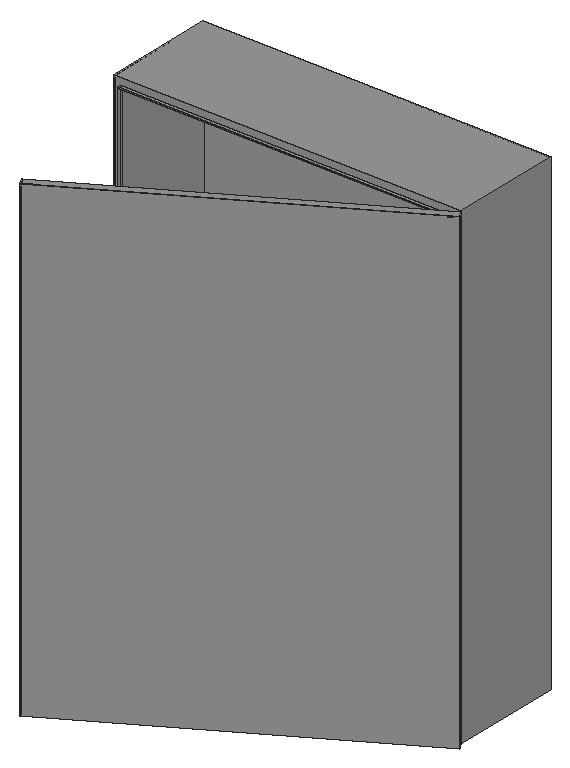
Revit family "Hager-Univers-IP55-D275-H1100-Cl.II-Steel_encl-NoHosted-NL-en", category Equipement électrique, Revit 2020
Family settings
  Configuration du panneau = Deux colonnes, circuits au sein
  Cote de connecteur circulaire = Utiliser le diamètre
  Type d'élément = Tableau de raccordement
  Basée sur le plan de construction = Oui
  Toujours verticalement = Oui
  Couper avec des vides une fois chargée = Non
  Partagée = Non
  Point de calcul de pièce = Non
Parameters (values of type "Surface mounted (plaster) IP55 W800 H1100 D275  - FR73S")
  Width Control [instance] = if([EF000008 - Width] > Min Width, [EF000008 - Width], Min Width)  # 800 mm
  Commentaires du type = [HG000003 - Range]  # "Univers"
  Thickness Door [instance] = if([EF009171 - Material plate thickness door/cover] > 3 mm, 3 mm, [EF009171 - Material plate thickness door/cover])  # 1.5 mm
  Seal Frame Offset [instance] = 17 mm  # constant formula
  Plinth Visibility [instance] = [HG000027 - Plinth height] > 0 mm  # no
  Min Width [instance] = 100 mm  # constant formula
  Min Depth [instance] = (2 * [EF009170 - Material plate thickness cabinet]) + 1 mm  # 4 mm
  Min Height [instance] = 100 mm  # constant formula
  Internal Frame Depth [instance] = (Door System Depth * 0.5)  # 9 mm
  Panel Name [instance] = ""  # (empty or 0)
  Model = ""
  HG000027 - Plinth height = 0 mm
  HG000026 - Floor standing = no
  HG000024 - Bottom section height = 600 mm
  HG000023 - Double section enclosure = no
  HG000016 - Door 3d visibility [instance] = yes
  HG000015 - Clearance visibility [instance] = no
  HG000014 - Door on the right [instance] = yes
  HG000013 - Door on the left [instance] = not([HG000014 - Door on the right])  # no
  HG000012 - Door swing angle [instance] = 30.00°
  HG000010 - Asymmetric doors = no
  HG000009 - Double swing door = no
  HG000006 - Flush mounted = no
  HG000004 - Manufacturer reference = "FR73S"
  HG000003 - Range = "Univers"
  HG000002 - With door or cover = yes
  Frame Offset Bottom [instance] = 10 mm  # constant formula
  Frame Offset [instance] = 15 mm  # constant formula
  EF015940 - Cover with overpressure release = no
  EF011959 - Degree of protection (NEMA) = ""
  EF009554 - Number of openings for flange plates = 6
  EF009212 - Cover model = "EV000116 - Closed"
  EF009171 - Material plate thickness door/cover = 1.5 mm
  EF009170 - Material plate thickness cabinet = 1.5 mm
  EF008873 - Nominal current (In) = 800 A
  EF007800 - Suitable for lightning protection = no
  EF006306 - With lock = no
  EF006244 - Transparent cover/door = no
  EF005474 - Degree of protection (IP) = "EV006420 - IP55"
  EF004464 - Type of door = "EV002646 - Single"
  EF004427 - Number of modules = 252
  EF004293 - Impact strength = "EV008784 - IK10"
  EF003532 - Suitable for outdoor use = no
  EF002950 - Width in number of modular spacings = 24
  EF001613 - Circuit integrity = "EV000494 - None"
  EF001596 - Material housing = "EV000179 - Steel"
  EF001131 - Internal depth = 275 mm
  EF001088 - Extension possible = yes
  EF000437 - Number of conduit inlets = 6
  EF000339 - Type of cover = "EV004216 - Door"
  EF000266 - Number of rows = 7
  EF000218 - Built-in depth = 0 mm
  EF000118 - With mounting plate = no
  EF000116 - RAL-number = "7035"
  EF000049 - Depth = 275 mm
  EF000040 - Height = 1100 mm
  EF000008 - Width = 800 mm
  EF000007 - Colour = "EV000270 - Grey"
  EF000003 - Mounting method = "EV000384 - Surface mounted (plaster)"
  Door System Leaf Tolerance [instance] = 1.5 mm  # constant formula
  Door System Depth [instance] = 18 mm  # constant formula
  Door Height [instance] = Height Control - [HG000027 - Plinth height]  # 1100 mm
  Description = ""
  Default Elevation = 1219.2 mm
  Connector Offset [instance] = Height Control / 2  # 550 mm
  Fabricant = "Hager"  # constant formula
  Height Control [instance] = if([EF000040 - Height] > Min Height, [EF000040 - Height], Min Height)  # 1100 mm
  Depth Control [instance] = if([EF000049 - Depth] > Min Depth, [EF000049 - Depth], Min Depth)  # 275 mm
  Bottom Top Plate Trim [instance] = 1.5 mm  # constant formula
  Plinth height Ctrl [instance] = if([HG000027 - Plinth height] > 0 mm, [HG000027 - Plinth height], 12 mm)  # 12 mm
Types (5, lengths in mm): name | Width Control | HG000010 - Asymmetric doors | HG000009 - Double swing door | HG000004 - Manufacturer reference | EF009554 - Number of openings for flange plates | EF004464 - Type of door | EF004427 - Number of modules | EF000437 - Number of conduit inlets | EF000008 - Width
  Surface mounted (plaster) IP55 W1050 H1100 D275  - FR74S | 1050 | no | yes | "FR74S" | 8 | "EV003602 - Double" | 336 | 8 | 1050
  Surface mounted (plaster) IP55 W1300 H1100 D275  - FR75S | 1300 | yes | yes | "FR75S" | 10 | "EV003602 - Double" | 420 | 10 | 1300
  Surface mounted (plaster) IP55 W300 H1100 D275  - FR71S | 300 | no | no | "FR71S" | 2 | "EV002646 - Single" | 84 | 2 | 300
  Surface mounted (plaster) IP55 W550 H1100 D275  - FR72S | 550 | no | no | "FR72S" | 4 | "EV002646 - Single" | 168 | 4 | 550
  Surface mounted (plaster) IP55 W800 H1100 D275  - FR73S | 800 | no | no | "FR73S" | 6 | "EV002646 - Single" | 252 | 6 | 800
Reference planes
  plane 1 "Center (Front/Back)": y = 0
  plane 2: z = 0
  plane 3 "Center (Left/Right)": x = 0
  plane 4: y = 0
  plane 5: y = 0
  plane 6: z = 0
  plane 7: x = -400
  plane 8: x = 400
  plane 9: x = 398.5
  plane 10: x = -398.5
  plane 11: z = 0
  plane 12: z = 1.5
  plane 13: y = -275
  plane 14: y = -1.5
  plane 15: x = 0
  plane 16: y = -257
  plane 17: y = -273.5
  plane 18: y = -255.5
  plane 19: x = -383.5
  plane 20: x = 383.5
  plane 21: z = 11.5
  plane 22: x = -383
  plane 23: x = 383
  plane 24: z = 0
  plane 25: z = 1100
  plane 26: z = 1100
  plane 27: z = 1083.5
  plane 28: z = 1098.5
Forms (mm)
  Extrusion 1, solid, material "Hager_Steel_RAL7035_Light_Grey", detail levels medium+fine
    sketch origin (-208.679, -4572, 0) x (-1, 0, 0) y (0, -1, 0)
      loop
        line (191.321, -4315) -> (-608.679, -4315) -> (-608.679, -4572) -> (191.321, -4572) -> (191.321, -4315)
    from 0 to 1100
  Extrusion 2, void
    sketch origin (-350.771, -275, 1219.2) x (1, 0, 0) y (0, 0, 1)
      loop
        line (-47.729, -120.7) -> (-47.729, -1217.7) -> (749.271, -1217.7) -> (749.271, -120.7) -> (-47.729, -120.7)
    from -19.5 to -273.5
  Extrusion 3, void
    sketch origin (-290.084, -257, 1219.2) x (1, 0, 0) y (0, 0, 1)
      loop
        line (-93.416, -1207.7) -> (673.584, -1207.7) -> (673.584, -135.7) -> (-93.416, -135.7) -> (-93.416, -1207.7)
    from 0 to -1.5
  Extrusion 4, solid, material "Hager_Steel_RAL7035_Light_Grey", visible <- "Plinth Visibility", detail levels medium+fine
    sketch origin (0, 0, 0) x (1, 0, 0) y (0, 1, 0)
      loop
        line (-400, 0) -> (-400, -257) -> (400, -257) -> (400, 0) -> (-400, 0)
    from 0 to 12 <- "Plinth height Ctrl"
  Extrusion 5, solid, material "Hager_Steel_RAL7035_Light_Grey", detail levels coarse
    sketch origin (0, 0, 0) x (1, 0, 0) y (0, 1, 0)
      loop
        line (-400, 0) -> (-400, -275) -> (400, -275) -> (400, 0) -> (-400, 0)
    from 0 to 1100 <- "Height Control"
  Sweep 6, void
    path in 3D
      loop
        line (-400, -257, 12) -> (400, -257, 12) -> (400, 0, 12) -> (-400, 0, 12) -> (-400, -257, 12)
    profile origin (-400, -128.5, 12) x (1, 0, 0) y (0, 0, 1)
      loop
        line (0, 0) -> (0, -1.5) -> (1.5, -1.5)
        arc (1.5, -1.5) -> (1.061, -0.439) -> (0, 0) r 1.5
  Extrusion 7, solid, material "Hager_Steel_RAL7035_Light_Grey", detail levels fine
    sketch origin (-400, -257, 0) x (1, 0, 0) y (0, 0, 1)
      loop
        line (16.5, 11.5) -> (783.5, 11.5) -> (783.5, 1083.5) -> (16.5, 1083.5) -> (16.5, 11.5)
      loop
        line (15, 10) -> (785, 10) -> (785, 1085) -> (15, 1085) -> (15, 10)
    from 0 to 9 <- "Internal Frame Depth"
Cuts and joins
  Extrusion 2, Extrusion 3 cuts Extrusion 1
  Sweep 6 cuts Extrusion 4
Lines and regions (mm)
  Masking region 1
    outline origin (0, 0, 0) x (1, 0, 0) y (0, 1, 0)
      loop
        line (-400, 0) -> (-400, -275) -> (400, -275) -> (400, 0) -> (-400, 0)
  Masking region 2, detail levels coarse
    outline origin (-290.084, -257, 1219.2) x (-1, 0, 0) y (0, 0, 1)
      loop
        line (-690.084, -1219.2) -> (109.916, -1219.2) -> (109.916, -119.2) -> (-690.084, -119.2) -> (-690.084, -1219.2)
  Masking region 3, detail levels coarse
    outline origin (0, 0, 0) x (0, 1, 0) y (0, 0, 1)
      loop
        line (0, 0) -> (0, 1100) -> (-275, 1100) -> (-275, 0) -> (0, 0)
  Masking region 4, visible <- "Plinth Visibility", detail levels medium+fine
    outline origin (0, 0, 0) x (0, 1, 0) y (0, 0, 1)
      loop
        line (-1.5, 12) -> (-255.5, 12)
        arc (-255.5, 12) -> (-255.939, 10.939) -> (-257, 10.5) r 1.5
        line (-257, 10.5) -> (-257, 0) -> (0, 0) -> (0, 10.5)
        arc (0, 10.5) -> (-1.061, 10.939) -> (-1.5, 12) r 1.5
  Masking region 5, detail levels medium+fine
    outline origin (0, 0, 594.038) x (0, 1, 0) y (0, 0, 1)
      loop
        line (0, -594.038) -> (0, 505.962) -> (-257, 505.962) -> (-257, -594.038) -> (0, -594.038)
  Masking region 6, detail levels medium+fine
    outline origin (-359.7, -257, 1211.883) x (-1, 0, 0) y (0, 0, 1)
      loop
        line (-759.7, -1211.883) -> (40.3, -1211.883) -> (40.3, -111.883) -> (-759.7, -111.883) -> (-759.7, -1211.883)
  Masking region 7, visible <- "Plinth Visibility", detail levels medium+fine
    outline origin (-320.334, -257, 1041.368) x (-1, 0, 0) y (0, 0, 1)
      loop
        line (-720.334, -1041.368) -> (79.666, -1041.368) -> (79.666, -1030.868)
        arc (79.666, -1030.868) -> (78.606, -1030.429) -> (78.166, -1029.368) r 1.5
        line (78.166, -1029.368) -> (-718.834, -1029.368)
        arc (-718.834, -1029.368) -> (-719.273, -1030.429) -> (-720.334, -1030.868) r 1.5
        line (-720.334, -1030.868) -> (-720.334, -1041.368)
  sketch lines
    curve 1: line (-400, 0, 12) -> (-400, -257, 12)
    curve 2: line (-400, -257, 12) -> (400, -257, 12)
    curve 3: line (400, 0, 12) -> (-400, 0, 12)
    curve 4: line (400, -257, 12) -> (400, 0, 12)
Dimensions and locks
  locked: plane 1 "Center (Front/Back)" to plane 5
  "EF009170 - Material plate thickness cabinet": plane 7 to plane 10
  "EF009170 - Material plate thickness cabinet": plane 8 to plane 9
  equal spacing: plane 7, plane 3 "Center (Left/Right)", plane 8
  "Width Control": plane 7 to plane 8
  "Depth Control": plane 4 to plane 13
  "EF009170 - Material plate thickness cabinet": plane 4 to plane 14
  "Height Control": plane 25 to level
  "HG000027 - Plinth height": plane 11 to level
  "EF009170 - Material plate thickness cabinet": plane 12 to plane 11
  "EF009170 - Material plate thickness cabinet": plane 17 to plane 13
  "EF009170 - Material plate thickness cabinet": plane 18 to plane 16
  "Frame Offset Bottom": plane 21 to plane 12
  "Frame Offset": plane 10 to plane 19
  "Frame Offset": plane 9 to plane 20
  "Door System Depth": plane 16 to plane 13
  "Seal Frame Offset": plane 7 to plane 22
  "Seal Frame Offset": plane 8 to plane 23
  "EF009170 - Material plate thickness cabinet": plane 26 to plane 28
  "Frame Offset": plane 28 to plane 27
  "Connector Offset": plane 2 to connector elem
  "Bottom Top Plate Trim": profile plane to Sweep 6 sketch curve
  "Bottom Top Plate Trim": Sweep 6 sketch curve to Sweep 6 sketch curve
  "Plinth height Ctrl": Masking region 4 sketch curve to level
  "Plinth height Ctrl": Masking region 7 sketch curve to level
  "Thickness Door": Extrusion 7 sketch curve to Extrusion 7 sketch curve  (x4)
  "Bottom Top Plate Trim": radius of Sweep 6 sketch curve
  "Bottom Top Plate Trim": radius of Masking region 4 sketch curve  (x2)
  "Bottom Top Plate Trim": radius of Masking region 7 sketch curve  (x2)
  aligned and locked: Extrusion 2 sketch curve to plane 12
  aligned and locked: Extrusion 2 sketch curve to plane 9
  aligned and locked: Extrusion 2 sketch curve to plane 10
  aligned and locked: Extrusion 2 to plane 14
  aligned and locked: Extrusion 1 sketch curve to plane 4
  aligned and locked: plane 8 to Extrusion 1 sketch curve
  aligned and locked: plane 7 to Extrusion 1 sketch curve
  aligned and locked: Extrusion 2 to plane 18
  aligned and locked: Extrusion 3 sketch curve to plane 19
  aligned and locked: plane 20 to Extrusion 3 sketch curve
  aligned and locked: Extrusion 3 to Extrusion 2
  aligned and locked: Extrusion 3 sketch curve to plane 21
  aligned and locked: plane 3 "Center (Left/Right)" to nested 1
  aligned and locked: Extrusion 1 sketch curve to plane 16
  aligned and locked: Extrusion 4 sketch curve to cut or joined group of Extrusion 1, Extrusion 2, Extrusion 3
  aligned and locked: Masking region 1 sketch curve to plane 7
  aligned and locked: Masking region 1 sketch curve to plane 5
  aligned and locked: Masking region 1 sketch curve to plane 8
  aligned and locked: Masking region 2 sketch curve to level
  aligned and locked: level to Masking region 3 sketch curve
  aligned and locked: plane 1 "Center (Front/Back)" to Masking region 3 sketch curve
  aligned and locked: plane 13 to Masking region 3 sketch curve
  aligned and locked: plane 5 to Masking region 4 sketch curve
  aligned and locked: Masking region 2 sketch curve to plane 8
  aligned and locked: Masking region 2 sketch curve to plane 7
  aligned and locked: plane 7 to nested 2
  aligned and locked: nested 2 to plane 5
  aligned and locked: plane 5 to Masking region 5 sketch curve
  aligned and locked: plane 26 to Masking region 5 sketch curve
  aligned and locked: Extrusion 5 sketch curve to plane 8
  aligned and locked: Extrusion 5 sketch curve to plane 7
  aligned and locked: Extrusion 5 sketch curve to plane 5
  aligned and locked: Extrusion 3 sketch curve to plane 27
  aligned and locked: Extrusion 2 sketch curve to plane 28
  aligned and locked: Masking region 2 to plane 25
  aligned and locked: Extrusion 4 to plane 16
  aligned and locked: profile plane to Sweep 6 sketch curve
  aligned and locked: Masking region 5 sketch curve to plane 24
  aligned and locked: level to Masking region 4 sketch curve
  aligned and locked: Masking region 1 to plane 13
  aligned and locked: nested 1 to plane 16
  aligned and locked: Masking region 3 to plane 25
  aligned and locked: plane 16 to Masking region 4 sketch curve
  aligned and locked: Masking region 5 sketch curve to plane 16
  aligned and locked: plane 24 to plane 11
  aligned and locked: plane 26 to plane 25
  aligned and locked: plane 26 to cut or joined group of Extrusion 1, Extrusion 2, Extrusion 3
  aligned and locked: nested 1 to plane 24
  aligned and locked: Extrusion 1 to Extrusion 3
  aligned and locked: Masking region 6 sketch curve to plane 8
  aligned and locked: Masking region 6 sketch curve to plane 24
  aligned and locked: Masking region 6 sketch curve to plane 7
  aligned and locked: Masking region 6 sketch curve to plane 26
  aligned and locked: Masking region 7 sketch curve to plane 7
  aligned and locked: level to Masking region 7 sketch curve
  aligned and locked: Masking region 7 sketch curve to plane 8
  aligned and locked: Extrusion 7 sketch curve to cut or joined group of Extrusion 1, Extrusion 2, Extrusion 3  (x4)
Automatic sketch dimensions
  plane 19 to Extrusion 3 sketch curve = 0 mm
  Extrusion 3 sketch curve to plane 20 = 0 mm
  Extrusion 3 sketch curve to plane 21 = 0 mm
  Extrusion 4 sketch curve to plane 7 = 0 mm
  Extrusion 4 sketch curve to plane 8 = 0 mm
  Extrusion 4 sketch curve to plane 16 = 0 mm
  Masking region 1 sketch curve to plane 13 = 0 mm
  Masking region 2 sketch curve to plane 25 = 0 mm
  Masking region 3 sketch curve to plane 25 = 0 mm
  Extrusion 5 sketch curve to plane 13 = 0 mm
  profile plane to Sweep 6 sketch curve = 0 mm
Nested families
  nested 1: "EC000058_Univers_Door" at (0, -257, 0), Double <- "HG000009 - Double swing door", Transparent <- "EF006244 - Transparent cover/door", Angle <- "HG000012 - Door swing angle", Door_Right <- "HG000014 - Door on the right", Assymetrical <- "HG000010 - Asymmetric doors", Door <- "HG000002 - With door or cover", Width_Ctrl <- "Width Control", 3d_Door <- "HG000016 - Door 3d visibility", Clearance <- "HG000015 - Clearance visibility", Door_Left <- "HG000013 - Door on the left", Width <- "Width Control", Door_Depth <- "Door System Depth", Leaf_Tolerance <- "Door System Leaf Tolerance", Height <- "Door Height", Lock_Visibility <- "EF006306 - With lock", Thickness <- "Thickness Door", type "EC000058_Univers_Door", detail levels medium+fine
    with min_wh 4 mm, Width_Ctrl 800 mm, Width 800 mm, Transparent no, Thickness 1.5 mm, Seal_Material Hager_Rubber, Lock_Visibility no, Lock_Material Hager_Plastic_RAL9005_Jet_Black, Leaf_Width 800 mm, Leaf_Tolerance_External_Sides 0 mm, Leaf_Tolerance 1.5 mm, Leaf_Offset 0 mm, Leaf_Height 1097 mm, Leaf_2_Width 800 mm, Leaf_2_Offset 400 mm, Leaf_1_Width 800 mm, Leaf_1_Offset 400 mm, Height_Ctrl 1100 mm, Height 1100 mm, Glass_Material Hager_Glass, Double_Clearance_Ctrl no, Double no, Door_Right_Ctrl yes, Door_Right yes, Door_Material Hager_Steel_RAL7035_Light_Grey, Door_Left_Ctrl no, Door_Left no, Door_Depth 18 mm, Door yes, Clearance_Material Hager_Clearance, Clearance_Depth 800 mm, Clearance_Ctrl no, Clearance no, Assymetrical no, Angle 30.00°, 3d_Door yes
  nested 2: "Hager_Enclosure_Symbol" at (-400, 0, 0), Height <- "Depth Control", Width <- "Width Control", type "Hager_Enclosure_Symbol"
    with Width_Ctrl 800 mm, Width 800 mm, Height_Ctrl 275 mm, Height 275 mm, A_Width_Int 18.047 mm, A_Width 216.562 mm, A_Height_Ctrl 240.625 mm, A_Height 240.625 mm
Connectors
  electrical at (0, 0, 550)
    settings: on plane 1 "Center (Front/Back)", index 1, voltage 0 V, apparent load 0 VA, apparent load phase1 0 VA, apparent load phase2 0 VA, apparent load phase3 0 VA, power factor 1, load classification "Other", number of poles 1, system type 30, power factor state 1, is connector primary yes, connector utility no, sub classification motor no, connector description ""
Definition of nested family "EC000058_Univers_Door"
  Parameters (values of type "EC000058_Univers_Door")
    min_wh [instance] = (2 * Thickness) + 1 mm  # 11 mm
    Width_Ctrl [instance] = 400 mm
    Width [instance] = 500 mm
    Transparent [instance] = yes
    Thickness [instance] = 5 mm
    Seal_Material [instance] = none
    Lock_Visibility [instance] = yes
    Lock_Material [instance] = none
    Leaf_Width [instance] = if((Width_Ctrl - 2 * Leaf_Tolerance_External_Sides) > 0 mm, (Width_Ctrl - 2 * Leaf_Tolerance_External_Sides), min_wh)  # 400 mm
    Leaf_Tolerance_External_Sides [instance] = 0 mm  # constant formula
    Leaf_Tolerance [instance] = 1.5 mm
    Leaf_Offset [instance] = 0 mm  # constant formula
    Leaf_Height [instance] = if((Height_Ctrl - 2 * Leaf_Tolerance) > 0 mm, (Height_Ctrl - 2 * Leaf_Tolerance), min_wh)  # 497 mm
    Leaf_2_Width [instance] = if(and(and(Double, Assymetrical), Door_Left), (Leaf_Width / 3) - (Leaf_Tolerance / 2), if(and(and(Double, Assymetrical), Door_Right), (Leaf_Width / 3) * 2 - (Leaf_Tolerance / 2), if(and(Double, not(Assymetrical)), (Leaf_Width / 2) - Leaf_Tolerance, Leaf_Width)))  # 400 mm
    Leaf_2_Offset [instance] = if(and(Double, Assymetrical), Leaf_2_Width / 2, if(and(Double, not(Assymetrical)), Leaf_Width / 4, Leaf_Width / 2))  # 200 mm
    Leaf_1_Width [instance] = if(and(and(Double, Assymetrical), Door_Right), (Leaf_Width / 3) - (Leaf_Tolerance / 2), if(and(and(Double, Assymetrical), Door_Left), (Width / 3) * 2 - (Leaf_Tolerance / 2), if(and(Double, not(Assymetrical)), (Leaf_Width / 2) - Leaf_Tolerance, Leaf_Width)))  # 400 mm
    Leaf_1_Offset [instance] = if(and(Double, Assymetrical), Leaf_1_Width / 2, if(and(Double, not(Assymetrical)), Leaf_Width / 4, Leaf_Width / 2))  # 200 mm
    Height_Ctrl [instance] = if(Height > min_wh, Height, min_wh)  # 500 mm
    Height [instance] = 500 mm
    Glass_Material [instance] = none
    Double_Clearance_Ctrl [instance] = and(Double, Clearance)  # no
    Double [instance] = no
    Door_Right_Ctrl [instance] = and(or(Door_Right, Double), Door)  # yes
    Door_Right [instance] = yes
    Door_Material [instance] = none
    Door_Left_Ctrl [instance] = and(or(Door_Left, Double), Door)  # no
    Door_Left [instance] = no
    Door_Depth [instance] = 30 mm
    Door [instance] = yes
    Default Elevation = 1219.2 mm
    Clearance_Material [instance] = none
    Clearance_Depth [instance] = if(Leaf_1_Width > Leaf_2_Width, Leaf_1_Width, Leaf_2_Width)  # 400 mm
    Clearance_Ctrl [instance] = and(not(Double), Clearance)  # yes
    Clearance [instance] = yes
    Assymetrical [instance] = yes
    Angle [instance] = 30.00°
    3d_Door [instance] = yes
  Reference planes
    plane 1 "Center (Front/Back)": y = 0
    plane 2 "Bottom": z = 0
    plane 3 "Center (Left/Right)": x = 0
    plane 4: z = 500
    plane 5: x = -200
    plane 6: x = 200
    plane 7: z = 500
    plane 8: x = -200
    plane 9: z = 0
    plane 10: x = 200
    plane 11: y = 0
    plane 12: z = 1.5
    plane 13: x = -600
    plane 14: y = -400
    plane 15: x = 600
    plane 16: x = 0
    plane 17: x = 0
    plane 18: x = -200
    plane 19: x = 200
    plane 20: z = 498.5
  Forms (mm)
    Extrusion 1, solid, material <- "Clearance_Material", visible <- "Double_Clearance_Ctrl"
      sketch origin (1200, 0, 0) x (1, 0, 0) y (0, 0, -1)
        loop
          line (-1800, -498.5) -> (-600, -498.5) -> (-600, 0) -> (-1800, 0) -> (-1800, -498.5)
      from 0 to -400
  Dimensions and locks
    equal spacing: plane 5, plane 3 "Center (Left/Right)", plane 6
    "Width_Ctrl": plane 5 to plane 6
    "Leaf_Offset": plane 5 to plane 8
    "Leaf_Offset": plane 6 to plane 10
    "Leaf_Offset": plane 9 to level
    "Leaf_Offset": plane 4 to plane 7
    "Height_Ctrl": plane 4 to level
    "Leaf_Tolerance": plane 12 to plane 9
    locked: plane 11 to plane 1 "Center (Front/Back)"
    "Leaf_1_Offset": plane 18 to plane 16
    "Leaf_2_Offset": plane 17 to plane 19
    "Leaf_1_Width": plane 13 to plane 8
    "Leaf_2_Width": plane 10 to plane 15
    "Clearance_Depth": plane 14 to plane 1 "Center (Front/Back)"
    "Leaf_Tolerance_External_Sides": plane 8 to plane 18
    "Leaf_Tolerance_External_Sides": plane 19 to plane 10
    "Leaf_Tolerance": plane 7 to plane 20
    aligned and locked: level to plane 2 "Bottom"
    aligned and locked: nested 1 to plane 16
    aligned and locked: nested 2 to plane 17
    aligned and locked: Extrusion 1 to plane 13
    aligned and locked: plane 15 to Extrusion 1
    aligned and locked: Extrusion 1 to plane 14
    aligned and locked: plane 12 to nested 1
    aligned and locked: nested 2 to plane 12
    aligned and locked: Extrusion 1 to plane 11
    aligned and locked: plane 20 to Extrusion 1
    aligned and locked: nested 2 to plane 11
    aligned and locked: nested 1 to plane 11
  Automatic sketch dimensions
    Extrusion 1 sketch curve to level = 0 mm
    plane 5 to Extrusion 1 sketch curve = 400 mm
    plane 6 to Extrusion 1 sketch curve = 400 mm
    Extrusion 1 sketch curve to plane 4 = 1.5 mm
  Nested families
    nested 1: "EC000058_Univers_Door_Leaf" at (0, 0, 1.5), Width <- "Leaf_1_Width", visible <- "Door_Left_Ctrl", Leaf_Height <- "Leaf_Height", Angle <- "Angle", 3d_Door <- "3d_Door", Transparent <- "Transparent", Clearance Material <- "Clearance_Material", Clearance <- "Clearance_Ctrl", Door_Material <- "Door_Material", Glass_Material <- "Glass_Material", Door_Depth <- "Door_Depth", Lock_Material <- "Lock_Material", Seal_Material <- "Seal_Material", Lock_Visibility <- "Lock_Visibility", Thickness <- "Thickness", type "EC000058_Univers_Door_Leaf"
      with Width 400 mm, Transparent_Glass_Offset 30 mm, Transparent_Ctrl yes, Transparent yes, Thickness 5 mm, Standard no, Seal_Material none, Seal_D2 8 mm, Seal_D1 1 mm, Offset_Internal_Frame 10 mm, Lock_Width 20 mm, Lock_Visibility_3d yes, Lock_Visibility yes, Lock_Thickness_3 3 mm, Lock_Thickness_2 1 mm, Lock_Thickness_1 3 mm, Lock_Radius_Offset_2 16 mm, Lock_Radius_Offset_1 15 mm, Lock_Radius_2 5 mm, Lock_Radius 6 mm, Lock_Offset 5 mm, Lock_Material none, Lock_Height 80 mm, Lock_Cover_Top_Offset_2d 17 mm, Lock_Cover_Height -65 mm, Leaf_Height 497 mm, Internal_Seal_Thickness 8 mm, Internal_Seal_Depth_2 4.5 mm, Internal_Frame_Depth 25 mm, Glass_Thickness -1 mm, Glass_Offset -2 mm, Glass_Material none, Door_Material none, Door_Depth 30 mm, Clearance Material none, Clearance yes, Angle_Ctrl 30.00°, Angle 30.00°, 3d_Door yes
    nested 2: "EC000058_Univers_Door_Leaf" at (0, 0, 1.5) x (-1, 0, 0) z (0, 0, 1), Width <- "Leaf_2_Width", visible <- "Door_Right_Ctrl", Leaf_Height <- "Leaf_Height", Angle <- "Angle", 3d_Door <- "3d_Door", Transparent <- "Transparent", Clearance Material <- "Clearance_Material", Clearance <- "Clearance_Ctrl", Door_Material <- "Door_Material", Glass_Material <- "Glass_Material", Door_Depth <- "Door_Depth", Lock_Material <- "Lock_Material", Seal_Material <- "Seal_Material", Lock_Visibility <- "Lock_Visibility", Thickness <- "Thickness", type "EC000058_Univers_Door_Leaf"
      with Width 400 mm, Transparent_Glass_Offset 30 mm, Transparent_Ctrl yes, Transparent yes, Thickness 5 mm, Standard no, Seal_Material none, Seal_D2 8 mm, Seal_D1 1 mm, Offset_Internal_Frame 10 mm, Lock_Width 20 mm, Lock_Visibility_3d yes, Lock_Visibility yes, Lock_Thickness_3 3 mm, Lock_Thickness_2 1 mm, Lock_Thickness_1 3 mm, Lock_Radius_Offset_2 16 mm, Lock_Radius_Offset_1 15 mm, Lock_Radius_2 5 mm, Lock_Radius 6 mm, Lock_Offset 5 mm, Lock_Material none, Lock_Height 80 mm, Lock_Cover_Top_Offset_2d 17 mm, Lock_Cover_Height -65 mm, Leaf_Height 497 mm, Internal_Seal_Thickness 8 mm, Internal_Seal_Depth_2 4.5 mm, Internal_Frame_Depth 25 mm, Glass_Thickness -1 mm, Glass_Offset -2 mm, Glass_Material none, Door_Material none, Door_Depth 30 mm, Clearance Material none, Clearance yes, Angle_Ctrl 30.00°, Angle 30.00°, 3d_Door yes
  Definition of nested family "EC000058_Univers_Door_Leaf"
    Parameters (values of type "EC000058_Univers_Door_Leaf")
      Width [instance] = 2000 mm
      Transparent_Glass_Offset [instance] = 30 mm
      Transparent_Ctrl [instance] = and(Transparent, [3d_Door])  # yes
      Transparent [instance] = yes
      Thickness [instance] = 5 mm
      Standard [instance] = and(not(Transparent), [3d_Door])  # no
      Seal_Material [instance] = none
      Seal_D2 [instance] = 8 mm  # constant formula
      Seal_D1 [instance] = 1 mm  # constant formula
      Offset_Internal_Frame [instance] = 10 mm  # constant formula
      Lock_Width [instance] = 20 mm  # constant formula
      Lock_Visibility_3d [instance] = and(Lock_Visibility, [3d_Door])  # yes
      Lock_Visibility [instance] = yes
      Lock_Thickness_3 [instance] = 3 mm  # constant formula
      Lock_Thickness_2 [instance] = 1 mm  # constant formula
      Lock_Thickness_1 [instance] = 3 mm  # constant formula
      Lock_Radius_Offset_2 [instance] = Lock_Radius_Offset_1 + 1 mm  # 16 mm
      Lock_Radius_Offset_1 [instance] = 15 mm  # constant formula
      Lock_Radius_2 [instance] = Lock_Radius - 1 mm  # 5 mm
      Lock_Radius [instance] = 6 mm  # constant formula
      Lock_Offset [instance] = 5 mm  # constant formula
      Lock_Material [instance] = none
      Lock_Height [instance] = 80 mm  # constant formula
      Lock_Cover_Top_Offset_2d [instance] = Lock_Radius_Offset_2 + 1 mm  # 17 mm
      Lock_Cover_Height [instance] = -(Lock_Height - Lock_Radius_Offset_1)  # -65 mm
      Leaf_Height [instance] = 2720.336 mm
      Internal_Seal_Thickness [instance] = 8 mm  # constant formula
      Internal_Seal_Depth_2 [instance] = 4.5 mm  # constant formula
      Internal_Frame_Depth [instance] = if(Door_Depth - Thickness > 5 mm, Door_Depth - Thickness, 5 mm)  # 25 mm
      Glass_Thickness [instance] = if(Thickness > 15 mm, Glass_Offset + 10 mm, -1 mm)  # -1 mm
      Glass_Offset [instance] = if(Thickness > 15 mm, -(Thickness + 10 mm) / 2, -2 mm)  # -2 mm
      Glass_Material [instance] = none
      Door_Material [instance] = none
      Door_Depth [instance] = 30 mm
      Default Elevation = 0 mm
      Clearance Material [instance] = none
      Clearance [instance] = yes
      Angle_Ctrl [instance] = if(Angle > 180.00°, 180.00°, Angle)  # 90.00°
      Angle [instance] = 90.00°
      3d_Door [instance] = yes
    Reference planes
      plane 1 "Center (Front/Back)": y = 0
      plane 2: z = 0
      plane 3 "Center (Left/Right)": x = 0
      plane 4: y = 2000
      plane 5: x = -1000
      plane 6: x = 1000
      plane 7: x = -3000
      plane 8: z = 2720.336
      plane 9: z = 30
      plane 10: z = 2690.336
      plane 11: x = 970
      plane 12: x = -970
      plane 13: y = -3
      plane 14: z = 107.833
      plane 15: y = -5
      plane 16: y = -223.314
      plane 17: x = -1000
      plane 18: z = 1360.168
      plane 19: y = 30
    Forms (mm)
      Extrusion 1, solid, material <- "Clearance Material", visible <- "Clearance"
        sketch origin (0, 0, 0) x (1, 0, 0) y (0, 0, 1)
          loop
            line (-3000, 2720.336) -> (-3000, 0) -> (1000, 0) -> (1000, 2720.336) -> (-3000, 2720.336)
        from 0 to -2000
      Extrusion 2, solid, material <- "Door_Material", visible <- "Standard", detail levels medium+fine
        sketch origin (-1000, 0, 0) x (0, 1, 0) y (-1, 0, 0)
          loop
            line (0, 30) -> (0, 25) -> (2000, 25) -> (2000, 30) -> (0, 30)
        from 0 to 2720.336 <- "Leaf_Height"
      Extrusion 3, solid, material <- "Door_Material", visible <- "Transparent_Ctrl", detail levels medium+fine
        sketch origin (-1000, 0, 0) x (0, 1, 0) y (-1, 0, 0)
          loop
            line (0, 25) -> (2000, 25) -> (2000, 30) -> (0, 30) -> (0, 25)
        from 0 to 2720.336 <- "Leaf_Height"
      Extrusion 4, void
        sketch origin (-1025, 2000, 0) x (0, 1, 0) y (0, 0, -1)
          loop
            line (-30, -2690.336) -> (-30, -30) -> (-1970, -30) -> (-1970, -2690.336) -> (-30, -2690.336)
        from 0 to 5 <- "Thickness"
      Sweep 5, solid, material <- "Seal_Material", visible <- "Transparent_Ctrl", detail levels fine
        path in 3D
          loop
            line (-1025, 30, 30) -> (-1025, 30, 2690.336) -> (-1025, 1970, 2690.336) -> (-1025, 1970, 30) -> (-1025, 30, 30)
        profile origin (-1025, 1000, 30) x (1, 0, 0) y (0, 0, 1)
          loop
            line (0, 0) -> (0, -8) -> (1, -8) -> (1, 0) -> (0, 0)
      Extrusion 6, solid, material <- "Glass_Material", visible <- "Transparent_Ctrl", detail levels medium+fine
        sketch origin (-1030, 0, 0) x (0, 1, 0) y (0, 0, -1)
          loop
            line (1970, -2690.336) -> (1970, -30) -> (30, -30) -> (30, -2690.336) -> (1970, -2690.336)
        from -2 <- "Glass_Offset" to -1 <- "Glass_Thickness"
      Extrusion 7, solid, material <- "Door_Material", visible <- "3d_Door", detail levels medium+fine
        sketch origin (-1025, 2000, 0) x (0, -1, 0) y (0, 0, -1)
          loop
            line (0, -2720.336) -> (2000, -2720.336) -> (2000, 0) -> (0, 0) -> (0, -2720.336)
          loop
            line (1995, -5) -> (5, -5) -> (5, -2715.336) -> (1995, -2715.336) -> (1995, -5)
        from 0 to 25 <- "Internal_Frame_Depth"
      Sweep 8, solid, material <- "Seal_Material", visible <- "Transparent_Ctrl", detail levels fine
        path in 3D
          loop
            line (-1025, 0, 0) -> (-1025, 2000, 0) -> (-1025, 2000, 2720.336) -> (-1025, 0, 2720.336) -> (-1025, 0, 0)
        profile origin (-1025, 0, 1360.168) x (1, 0, 0) y (0, 1, 0)
          loop
            line (0, 10) -> (2.975, 10)
            arc (2.975, 10) -> (4.053, 10.447) -> (4.5, 11.525) r 1.525
            line (4.5, 11.525) -> (4.5, 16.527)
            arc (4.5, 16.527) -> (4.069, 17.569) -> (3.027, 18) r 1.473
            line (3.027, 18) -> (0, 18) -> (0, 10)
      Extrusion 9, solid, material <- "Lock_Material", visible <- "Lock_Visibility_3d", detail levels fine
        sketch origin (-1030, 0, 0) x (0, 1, 0) y (0, 0, -1)
          loop
            arc (1993.5, -1400.168) -> (1994.561, -1399.729) -> (1995, -1398.668) r 1.5
            line (1995, -1398.668) -> (1995, -1320.168) -> (1975, -1320.168) -> (1975, -1398.668)
            arc (1975, -1398.668) -> (1975.439, -1399.729) -> (1976.5, -1400.168) r 1.5
            line (1976.5, -1400.168) -> (1993.5, -1400.168)
        from 3 <- "Lock_Thickness_1" to 0
      Blend 10, solid, material <- "Lock_Material", visible <- "Lock_Visibility_3d", detail levels fine
        base sketch origin (-1033, 0, 0) x (0, 1, 0) y (0, 0, -1)
          loop
            line (1975, -1320.168) -> (1975, -1398.668)
            arc (1975, -1398.668) -> (1975.439, -1399.729) -> (1976.5, -1400.168) r 1.5
            line (1976.5, -1400.168) -> (1993.5, -1400.168)
            arc (1993.5, -1400.168) -> (1994.561, -1399.729) -> (1995, -1398.668) r 1.5
            line (1995, -1398.668) -> (1995, -1320.168) -> (1975, -1320.168)
        top sketch origin (-1033, 0, 0) x (0, 1, 0) y (0, 0, -1)
          loop
            line (1976, -1320.168) -> (1976, -1398.668)
            arc (1976, -1398.668) -> (1976.146, -1399.022) -> (1976.5, -1399.168) r 0.5
            line (1976.5, -1399.168) -> (1993.5, -1399.168)
            arc (1993.5, -1399.168) -> (1993.854, -1399.022) -> (1994, -1398.668) r 0.5
            line (1994, -1398.668) -> (1994, -1320.168) -> (1976, -1320.168)
        from 0 to 1 <- "Lock_Thickness_2"
      Blend 11, solid, material <- "Lock_Material", visible <- "Lock_Visibility_3d", detail levels fine
        base sketch origin (-1034, 0, 0) x (0, 1, 0) y (0, 0, -1)
          loop
            line (1978, -1320.168) -> (1978, -1384.168)
            arc (1978, -1384.168) -> (1985, -1391.168) -> (1992, -1384.168) r 7
            line (1992, -1384.168) -> (1992, -1320.168) -> (1978, -1320.168)
        top sketch origin (-1034, 0, 0) x (0, 1, 0) y (0, 0, -1)
          loop
            line (1991, -1320.168) -> (1979, -1320.168) -> (1979, -1383.168)
            arc (1979, -1383.168) -> (1985, -1389.168) -> (1991, -1383.168) r 6
            line (1991, -1383.168) -> (1991, -1320.168)
        from 0 to 3 <- "Lock_Thickness_3"
      Extrusion 12, solid, material <- "Lock_Material", visible <- "Lock_Visibility_3d", detail levels fine
        sketch origin (-1030, 1975, 1320.168) x (1, 0, 0) y (0, -1, 0)
          loop
            line (-7, -19) -> (-7, -1) -> (0, -1) -> (0, 0) -> (-8, 0) -> (-8, -20) -> (0, -20) -> (0, -19) -> (-7, -19)
        from 0 to -65 <- "Lock_Cover_Height"
      Extrusion 13, void
        sketch origin (-1038, 1995, 1320.168) x (-1, 0, 0) y (0, 0, -1)
          loop
            line (-5, -65) -> (0, -65) -> (-5, -60) -> (-5, -65)
        from 0 to 20 <- "Lock_Width"
      Extrusion 14, void
        sketch origin (-1038, 1975, 1320.168) x (0, -1, 0) y (0, 0, -1)
          loop
            circle (-10, -15.995) r 6
          loop
            circle (-10, -15.995) r 5
        from 0 to 2
      Extrusion 15, solid, material <- "Lock_Material", visible <- "Lock_Visibility_3d", detail levels medium
        sketch origin (-1030, 0, 0) x (0, 1, 0) y (0, 0, -1)
          loop
            arc (1993.5, -1400.168) -> (1994.561, -1399.729) -> (1995, -1398.668) r 1.5
            line (1995, -1398.668) -> (1995, -1320.168) -> (1975, -1320.168) -> (1975, -1398.668)
            arc (1975, -1398.668) -> (1975.439, -1399.729) -> (1976.5, -1400.168) r 1.5
            line (1976.5, -1400.168) -> (1993.5, -1400.168)
        from 8 to 0
    Cuts and joins
      Extrusion 4 cuts Extrusion 3
      Extrusion 13, Extrusion 14 cuts Extrusion 9
      Extrusion 14 cuts Blend 11
      Extrusion 13, Extrusion 14 cuts Extrusion 12
      joined: Extrusion 9, Blend 10, Blend 11, Extrusion 12
      Extrusion 14 cuts Extrusion 15
    Lines and regions (mm)
      Masking region 1, visible <- "Lock_Visibility", detail levels fine
        outline origin (0, 0, 0) x (0, 1, 0) y (0, 0, 1)
          loop
            line (30, 1320.168) -> (33, 1320.168) -> (33, 1400.168) -> (30, 1400.168) -> (30, 1320.168)
      Masking region 2, visible <- "Lock_Visibility", detail levels fine
        outline origin (0, 3.143, 0) x (0, 1, 0) y (0, 0, 1)
          loop
            line (29.857, 1354.168) -> (30.857, 1354.168) -> (30.857, 1366.168) -> (29.857, 1366.168) -> (29.857, 1354.168)
      Masking region 3, detail levels medium+fine
        outline origin (0, 0, 0) x (0, 1, 0) y (0, 0, 1)
          loop
            line (0, 0) -> (30, 0) -> (30, 2720.336) -> (0, 2720.336) -> (0, 0)
      Masking region 4, detail levels medium+fine
        outline origin (0, 0, 0) x (1, 0, 0) y (0, 0, 1)
          loop
            line (-1000, 2720.336) -> (-1000, 0) -> (1000, 0) -> (1000, 2720.336) -> (-1000, 2720.336)
      Masking region 5, visible <- "Lock_Visibility", detail levels fine
        outline origin (-47.116, 0, 0) x (1, 0, 0) y (0, 0, 1)
          loop
            arc (1024.616, 1399.168) -> (1023.556, 1398.729) -> (1023.116, 1397.668) r 1.5
            line (1023.116, 1397.668) -> (1023.116, 1320.168) -> (1041.116, 1320.168) -> (1041.116, 1397.668)
            arc (1041.116, 1397.668) -> (1040.677, 1398.729) -> (1039.616, 1399.168) r 1.5
            line (1039.616, 1399.168) -> (1024.616, 1399.168)
      Masking region 6, visible <- "Lock_Visibility", detail levels medium+fine
        outline origin (-25, 0, 0) x (1, 0, 0) y (0, 0, 1)
          loop
            arc (1001.5, 1400.168) -> (1000.439, 1399.729) -> (1000, 1398.668) r 1.5
            line (1000, 1398.668) -> (1000, 1320.168) -> (1020, 1320.168) -> (1020, 1398.668)
            arc (1020, 1398.668) -> (1019.561, 1399.729) -> (1018.5, 1400.168) r 1.5
            line (1018.5, 1400.168) -> (1001.5, 1400.168)
      Masking region 7, visible <- "Lock_Visibility", detail levels fine
        outline origin (-73.735, 0, 0) x (1, 0, 0) y (0, 0, 1)
          loop
            line (1051.735, 1382.168) -> (1065.735, 1382.168) -> (1065.735, 1384.168)
            arc (1065.735, 1384.168) -> (1058.735, 1391.168) -> (1051.735, 1384.168) r 7
            line (1051.735, 1384.168) -> (1051.735, 1382.168)
      Masking region 8, visible <- "Lock_Visibility", detail levels fine
        outline origin (-73.735, 0, 0) x (1, 0, 0) y (0, 0, 1)
          loop
            line (1052.735, 1382.168) -> (1064.735, 1382.168) -> (1064.735, 1383.168)
            arc (1064.735, 1383.168) -> (1058.735, 1389.168) -> (1052.735, 1383.168) r 6
            line (1052.735, 1383.168) -> (1052.735, 1382.168)
      Masking region 9, visible <- "Lock_Visibility", detail levels fine
        outline origin (-25, 0, 0) x (1, 0, 0) y (0, 0, 1)
          loop
            line (1020, 1320.168) -> (1020, 1382.168) -> (1000, 1382.168) -> (1000, 1320.168) -> (1020, 1320.168)
      Masking region 10, detail levels medium+fine
        outline origin (0, 0, 0) x (1, 0, 0) y (0, 0, 1)
          loop
            circle (985, 1335.144) r 6
      Masking region 11, detail levels fine
        outline origin (0, 0, 0) x (1, 0, 0) y (0, 0, 1)
          loop
            circle (985, 1335.144) r 5
      Masking region 12, visible <- "Lock_Visibility", detail levels fine
        outline origin (0, 12.767, 0) x (0, 1, 0) y (0, 0, 1)
          loop
            line (20.233, 1320.168) -> (21.233, 1320.168) -> (21.233, 1399.168) -> (20.233, 1400.168) -> (20.233, 1320.168)
      Masking region 13, visible <- "Lock_Visibility", detail levels fine
        outline origin (0, 13.767, -10) x (0, 1, 0) y (0, 0, 1)
          loop
            line (20.233, 1330.168) -> (23.233, 1330.168) -> (23.233, 1399.168) -> (20.233, 1402.168) -> (20.233, 1330.168)
      Masking region 14, visible <- "Lock_Visibility", detail levels fine
        outline origin (0, 12.767, -10) x (0, 1, 0) y (0, 0, 1)
          loop
            line (20.233, 1330.168) -> (25.233, 1330.168) -> (25.233, 1399.305) -> (20.233, 1394.305) -> (20.233, 1330.168)
      Masking region 15, visible <- "Lock_Visibility", detail levels medium
        outline origin (0, 0, 0) x (0, 1, 0) y (0, 0, 1)
          loop
            line (30, 1320.168) -> (38, 1320.168) -> (38, 1400.168) -> (30, 1400.168) -> (30, 1320.168)
      Masking region 16, visible <- "Lock_Visibility", detail levels fine
        outline origin (-1000, 0, 0) x (0, 1, 0) y (-1, 0, 0)
          loop
            line (1975, 30) -> (1995, 30) -> (1995, 38) -> (1975, 38) -> (1975, 30)
          loop
            line (1979, 37) -> (1976, 37) -> (1976, 34) -> (1978, 34) -> (1979, 37)
          loop
            line (1994, 37) -> (1991, 37) -> (1992, 34) -> (1994, 34) -> (1994, 37)
      Masking region 17, visible <- "Lock_Visibility", detail levels medium
        outline origin (-1000, 0, 0) x (0, 1, 0) y (-1, 0, 0)
          loop
            line (1975, 30) -> (1995, 30) -> (1995, 38) -> (1975, 38) -> (1975, 30)
      symbolic lines
        curve 1: line (1000, 0, 0) -> (-3000, 0, 0)
        curve 2: arc (1000, 0, 0) -> (-1000, 2000, 0) -> (-3000, 0, 0) r 2000
        curve 4: line (-1030, 0, 0) -> (-1030, 2000, 0)
      reference lines
        curve 3: line (-1000, 0, 0) -> (-1000, 2000, 0)
      symbolic lines, detail levels medium+fine
        curve 5: line (-1030, 2000, 0) -> (-1025, 2000, 0)
        curve 7: line (-1025, 0, 0) -> (-1030, 0, 0)
        curve 8: line (-1025, 0, 0) -> (-1000, 0, 0)
        curve 9: line (-1000, 0, 0) -> (-1000, 2000, 0)
        curve 10: line (-1000, 2000, 0) -> (-1025, 2000, 0)
      symbolic lines, detail levels fine
        curve 6: line (-1025, 2000, 0) -> (-1025, 0, 0)
      sketch lines
        curve 11: line (-1025, 0, 2720.336) -> (-1025, 0, 0)
        curve 12: line (-1025, 2000, 0) -> (-1025, 0, 0)
        curve 13: line (-1025, 2000, 2720.336) -> (-1025, 2000, 0)
        curve 14: line (-1025, 0, 2720.336) -> (-1025, 2000, 2720.336)
        curve 15: line (-1025, 1970, 30) -> (-1025, 30, 30)
        curve 16: line (-1025, 30, 30) -> (-1025, 30, 2690.336)
        curve 17: line (-1025, 1970, 2690.336) -> (-1025, 1970, 30)
        curve 18: line (-1025, 30, 2690.336) -> (-1025, 1970, 2690.336)
      symbolic lines, visible <- "Transparent", detail levels medium+fine
        curve 19: line (-970, 0, 2690.336) -> (970, 0, 2690.336)
        curve 20: line (-970, 0, 30) -> (-970, 0, 2690.336)
        curve 21: line (970, 0, 30) -> (-970, 0, 30)
        curve 22: line (970, 0, 2690.336) -> (970, 0, 30)
    Dimensions and locks
      "Width": plane 1 "Center (Front/Back)" to plane 4
      equal spacing: plane 5, plane 3 "Center (Left/Right)", plane 6
      "Width": plane 5 to plane 6
      "Width": plane 7 to plane 5
      "Leaf_Height": plane 8 to level
      "Width": curve 5 to curve 3
      "Width": curve 3 to curve 3
      plane 8 to plane 10 = 30 mm
      plane 9 to level = 30 mm
      plane 12 to plane 5 = 30 mm
      plane 6 to plane 11 = 30 mm
      Extrusion 1 to Extrusion 4 sketch curve = 30 mm
      "Transparent_Glass_Offset": curve 3 to Extrusion 4 sketch curve
      "Transparent_Glass_Offset": Extrusion 4 sketch curve to cut or joined group of Extrusion 3, Extrusion 4  (x2)
      cut or joined group of Extrusion 3, Extrusion 4 to Extrusion 6 sketch curve = 30 mm
      "Transparent_Glass_Offset": cut or joined group of Extrusion 3, Extrusion 4 to Extrusion 4 sketch curve
      "Thickness": curve 6 to curve 4
      "Thickness": Extrusion 7 sketch curve to Extrusion 7 sketch curve  (x4)
      "Door_Depth": curve 4 to curve 3
      "Offset_Internal_Frame": profile plane to Sweep 8 sketch curve
      "Internal_Seal_Thickness": Sweep 8 sketch curve to Sweep 8 sketch curve
      "Internal_Seal_Depth_2": profile plane to Sweep 8 sketch curve
      "Seal_D1": profile plane to Sweep 5 sketch curve
      "Seal_D2": profile plane to Sweep 5 sketch curve
      "Thickness": Extrusion 2 sketch curve to Extrusion 2 sketch curve
      equal spacing: Extrusion 9 sketch curve, plane 18, Extrusion 9 sketch curve  (x2)
      equal spacing: Masking region 1 sketch curve, plane 18, Masking region 1 sketch curve
      "Lock_Height": Masking region 1 sketch curve to Masking region 1 sketch curve
      "Lock_Radius": Masking region 2 sketch curve to plane 18 to Masking region 2 sketch curve
      Masking region 2 sketch curve to Masking region 1 = 1 mm
      "Door_Depth": plane 19 to plane 1 "Center (Front/Back)"
      "Lock_Thickness_1": Masking region 1 sketch curve to plane 19
      "Lock_Width": Extrusion 9 sketch curve to Extrusion 9 sketch curve
      "Lock_Height": Extrusion 9 sketch curve to Extrusion 9 sketch curve
      "Lock_Offset": cut or joined group of Extrusion 3, Extrusion 4 to Extrusion 9 sketch curve
      equal spacing: plane 8, plane 18, level
      "Lock_Radius_Offset_1": Blend 11 sketch curve to Blend 10
      locked: Blend 10 to Blend 11 sketch curve at 2  (x2)
      locked: var sketch to Blend 11 sketch curve at 1  (x2)
      "Lock_Radius_Offset_2": Blend 11 sketch curve to Blend 10
      locked: Extrusion 12 sketch curve to Extrusion 12 sketch curve at 1  (x3)
      Masking region 6 sketch curve to Masking region 6 sketch curve = 80 mm
      "Lock_Height": Masking region 6 sketch curve to Masking region 6 sketch curve
      "Lock_Width": Masking region 6 sketch curve to Masking region 6 sketch curve
      locked: Masking region 6 to Masking region 5 sketch curve at 1  (x3)
      locked: Masking region 5 to Masking region 7 sketch curve at 2  (x2)
      "Lock_Radius_Offset_1": Masking region 5 to Masking region 7 sketch curve
      "Lock_Radius_Offset_2": Masking region 5 to Masking region 8 sketch curve
      locked: Masking region 7 to Masking region 8 sketch curve at 1  (x2)
      "Lock_Cover_Top_Offset_2d": Masking region 5 to Masking region 9 sketch curve
      equal spacing: Masking region 9, Masking region 10 sketch curve, Masking region 9
      equal spacing: Masking region 9, Masking region 11 sketch curve, Masking region 9
      Extrusion 15 sketch curve to Extrusion 15 sketch curve = 80 mm
      "Lock_Width": Extrusion 15 sketch curve to Extrusion 15 sketch curve
      "Lock_Height": Extrusion 15 sketch curve to Extrusion 15 sketch curve
      equal spacing: Extrusion 15 sketch curve, plane 18, Extrusion 15 sketch curve
      "Lock_Thickness_3": Masking region 13 sketch curve to Masking region 13 sketch curve
      "Lock_Height": Masking region 12 sketch curve to Masking region 12 sketch curve
      locked: Masking region 13 sketch curve to Masking region 1 at 8
      locked: Masking region 14 sketch curve to Masking region 13 at 1
      locked: Masking region 14 sketch curve to Masking region 1 at 10.863
      "Lock_Height": Masking region 15 sketch curve to Masking region 15 sketch curve
      "Lock_Offset": Extrusion 15 sketch curve to cut or joined group of Extrusion 3, Extrusion 4
      "Lock_Offset": plane 6 to Masking region 6 sketch curve
      radius of Sweep 8 sketch curve = 1.525 mm
      radius of Sweep 8 sketch curve = 1.473 mm
      radius of Extrusion 9 sketch curve = 1.5 mm  (x2)
      "Lock_Radius": radius of Extrusion 14 sketch curve
      "Lock_Radius_2": radius of Extrusion 14 sketch curve
      "Lock_Radius": radius of Masking region 10 sketch curve
      "Lock_Radius_2": radius of Masking region 11 sketch curve
      radius of Extrusion 15 sketch curve = 1.5 mm  (x2)
      "Angle_Ctrl": angle plane 1 "Center (Front/Back)" to curve 3
      locked: Masking region 12 sketch curve to Masking region 12 sketch curve (angle 45.00°)
      locked: Masking region 13 sketch curve to Masking region 13 sketch curve (angle 45.00°)
      locked: Masking region 14 sketch curve to Masking region 14 sketch curve (angle 45.00°)
      aligned and locked: level to plane 2
      aligned and locked: Extrusion 1 to curve 1
      aligned and locked: plane 6 to Extrusion 1
      aligned and locked: Extrusion 1 to plane 1 "Center (Front/Back)"
      aligned and locked: plane 4 to Extrusion 1
      aligned and locked: plane 8 to Extrusion 1
      aligned and locked: curve 7 to Extrusion 2 sketch curve
      aligned and locked: curve 5 to Extrusion 2 sketch curve
      aligned and locked: curve 7 to Extrusion 3 sketch curve
      aligned and locked: Extrusion 3 sketch curve to curve 4
      aligned and locked: Extrusion 3 sketch curve to curve 6
      aligned and locked: Extrusion 3 sketch curve to curve 5
      aligned and locked: curve 9 to curve 3
      aligned and locked: Extrusion 7 sketch curve to cut or joined group of Extrusion 3, Extrusion 4  (x4)
      aligned and locked: plane 17 to curve 3
      aligned and locked: plane 1 "Center (Front/Back)" to curve 3
      aligned and locked: plane 17 to plane 5
      aligned and locked: Sweep 8 sketch curve to profile plane
      aligned and locked: Sweep 5 sketch curve to profile plane  (x2)
      aligned and locked: Masking region 1 to Masking region 2 sketch curve
      aligned and locked: plane 19 to Masking region 1 sketch curve
      aligned and locked: plane 1 "Center (Front/Back)" to Masking region 3 sketch curve
      aligned and locked: plane 19 to Masking region 3 sketch curve
      aligned and locked: level to Masking region 3 sketch curve
      aligned and locked: Masking region 3 sketch curve to plane 8
      aligned and locked: plane 17 to Masking region 4 sketch curve
      aligned and locked: level to Masking region 4 sketch curve
      aligned and locked: Masking region 4 sketch curve to plane 8
      aligned and locked: plane 12 to curve 20
      aligned and locked: plane 10 to curve 19
      aligned and locked: plane 11 to curve 22
      aligned and locked: curve 21 to plane 9
      aligned and locked: Extrusion 2 sketch curve to cut or joined group of Extrusion 3, Extrusion 4
      aligned and locked: Blend 10 sketch curve to Extrusion 9  (x4)
      aligned and locked: Extrusion 9 to Blend 10 sketch curve
      aligned and locked: Blend 10 to Blend 11 sketch curve
      aligned and locked: Extrusion 12 sketch curve to Blend 11
      aligned and locked: Extrusion 12 sketch curve to Extrusion 9  (x4)
      aligned and locked: Masking region 5 sketch curve to Masking region 6
      aligned and locked: Masking region 9 sketch curve to Masking region 6  (x3)
      aligned and locked: Masking region 12 sketch curve to Masking region 1
      aligned and locked: Masking region 13 sketch curve to Masking region 1
      aligned and locked: Masking region 12 to Masking region 14
      aligned and locked: Masking region 14 sketch curve to Masking region 1
      aligned and locked: Masking region 15 sketch curve to Masking region 14
      aligned and locked: Masking region 13 sketch curve to Masking region 12
      aligned and locked: Masking region 16 sketch curve to cut or joined group of Extrusion 14, Extrusion 15  (x4)
      aligned and locked: Masking region 16 sketch curve to cut or joined group of Extrusion 9, Blend 10, Blend 11, Extrusion 12, Extrusion 13, Extrusion 14  (x6)
      aligned and locked: cut or joined group of Extrusion 9, Blend 10, Blend 11, Extrusion 12, Extrusion 13, Extrusion 14 to Masking region 16 sketch curve
      aligned and locked: Masking region 17 sketch curve to cut or joined group of Extrusion 14, Extrusion 15  (x3)
      aligned and locked: Masking region 17 sketch curve to cut or joined group of Extrusion 9, Blend 10, Blend 11, Extrusion 12, Extrusion 13, Extrusion 14
      aligned and locked: Masking region 9 to Masking region 8 sketch curve
      aligned and locked: Masking region 9 to Masking region 7 sketch curve
    Automatic sketch dimensions
      plane 1 "Center (Front/Back)" to curve 2 = 0 mm
      curve 2 to plane 5 = 0 mm
      Extrusion 1 sketch curve to level = 0 mm
      Extrusion 1 sketch curve to plane 7 = 0 mm
      Extrusion 1 sketch curve to plane 6 = 0 mm
      Extrusion 1 sketch curve to plane 8 = 0 mm
      Extrusion 3 to Extrusion 6 sketch curve = 30 mm  (x4)
      Masking region 4 sketch curve to plane 6 = 0 mm
      Blend 10 sketch curve to Extrusion 9 = 1.5 mm
      Blend 10 sketch curve to Extrusion 9 = 1 mm
      Extrusion 13 sketch curve to Extrusion 12 = 0 mm  (x2)
      Extrusion 12 to Extrusion 13 sketch curve = 3 mm
      Extrusion 13 sketch curve to Extrusion 12 = 5 mm
      Extrusion 14 sketch curve to Extrusion 14 sketch curve = 0 mm  (x2)
      Extrusion 14 sketch curve to Extrusion 12 = 10 mm
      Extrusion 14 sketch curve to Extrusion 12 = 15.995 mm
      Masking region 5 sketch curve to Masking region 5 sketch curve = 1.5 mm  (x2)
      Masking region 10 sketch curve to plane 18 = 25.024 mm
      Masking region 11 sketch curve to plane 18 = 25.024 mm
      plane 19 to Masking region 14 sketch curve = 3 mm
      Masking region 16 sketch curve to Masking region 16 sketch curve = 3 mm
      curve 4 to curve 3 = 0 mm
      Blend 10 to Blend 11 sketch curve = 0 mm
      Masking region 6 sketch curve to Masking region 6 sketch curve = 1.5 mm  (x2)
      Masking region 6 sketch curve to plane 18 = 40 mm
      plane 19 to Masking region 12 sketch curve = 3 mm
      Masking region 12 sketch curve to Masking region 12 sketch curve = 1 mm
      Masking region 15 sketch curve to plane 19 = 0 mm
      Masking region 15 sketch curve to plane 18 = 40 mm
      radius of Blend 10 sketch curve to Extrusion 9 = 1 mm
Definition of nested family "Hager_Enclosure_Symbol"
  Parameters (values of type "Hager_Enclosure_Symbol")
    Width_Ctrl [instance] = if(Width > 1 mm, Width, 1 mm)  # 102.27 mm
    Width [instance] = 102.27 mm
    Height_Ctrl [instance] = if(Height > 1 mm, Height, 1 mm)  # 66.5 mm
    A_Width_Int [instance] = if(A_Width / 12 > 2 mm, A_Width / 12, 2 mm)  # 4.364 mm
    A_Width [instance] = if(A_Height_Ctrl * 0.9 > 2 mm, A_Height_Ctrl * 0.9, 2 mm)  # 52.369 mm
    A_Height_Ctrl [instance] = if(A_Height > 2 mm, A_Height, 2 mm)  # 58.188 mm
    Height [instance] = 66.5 mm
    A_Height [instance] = Height - (Height / 8)  # 58.188 mm
  Reference planes
    plane 1 "Centre (avant/arrière)": y = 0
    plane 2: z = 0
    plane 3 "Centre (gauche/droite)": x = 0
    plane 4: x = 52.369
    plane 5: y = 33.042
    plane 6: y = 41.77
    plane 7: y = 66.5
    plane 8: x = 26.184
    plane 9: y = 37.406
    plane 10: x = 102.27
    plane 11: y = 66.5
    plane 12: y = 8.313
  Lines and regions (mm)
    Filled region 1, type "Solid_Black", in view "Niveau de réf."
      outline origin (0, 0, 0) x (1, 0, 0) y (0, 1, 0)
        loop
          line (52.369, 66.5) -> (33.188, 54.536) -> (45.365, 45.006) -> (52.369, 66.5)
    Filled region 2, type "Solid_Black", in view "Niveau de réf."
      outline origin (0, 0, 0) x (1, 0, 0) y (0, 1, 0)
        loop
          line (0, 0) -> (102.27, 0) -> (102.27, 66.5) -> (0, 0)
    detail lines, in view "Niveau de réf."
      curve 1: line (0, 8.313, 0) -> (26.184, 41.77, 0)
      curve 2: line (26.184, 41.77, 0) -> (26.184, 33.042, 0)
      curve 3: line (26.184, 33.042, 0) -> (52.369, 66.5, 0)
  Dimensions and locks
    "A_Width": plane 3 "Centre (gauche/droite)" to plane 4
    equal spacing: plane 3 "Centre (gauche/droite)", plane 8, plane 4
    equal spacing: plane 6, plane 9, plane 5
    equal spacing: curve 3, Filled region 1 sketch curve, Filled region 1 sketch curve
    "Height_Ctrl": plane 1 "Centre (avant/arrière)" to plane 11
    "A_Height_Ctrl": plane 11 to plane 12
    equal spacing: plane 11, plane 9, plane 12
    "A_Width_Int": plane 6 to plane 9
    "Width_Ctrl": plane 3 "Centre (gauche/droite)" to plane 10
    angle Filled region 1 sketch curve to curve 3 = 20.00°
    angle curve 3 to Filled region 1 sketch curve = 20.00°
    locked: curve 3 to Filled region 1 sketch curve (angle 90.00°)
    aligned and locked: plane 10 to Filled region 2
    aligned and locked: plane 11 to Filled region 2 sketch curve
    aligned and locked: plane 10 to Filled region 2 sketch curve
    aligned and locked: plane 3 "Centre (gauche/droite)" to curve 1
    aligned and locked: plane 12 to curve 1
    aligned and locked: plane 7 to plane 11
  Automatic sketch dimensions
    Filled region 1 sketch curve to plane 4 = 0 mm
    Filled region 1 sketch curve to plane 7 = 0 mm
    plane 1 "Centre (avant/arrière)" to Filled region 2 sketch curve = 0 mm
    Filled region 2 sketch curve to plane 3 "Centre (gauche/droite)" = 0 mm
    curve 2 to plane 6 = 0 mm
    curve 2 to plane 8 = 0 mm
    curve 3 to plane 4 = 0 mm
    curve 2 to plane 5 = 0 mm
    curve 3 to plane 7 = 0 mm
